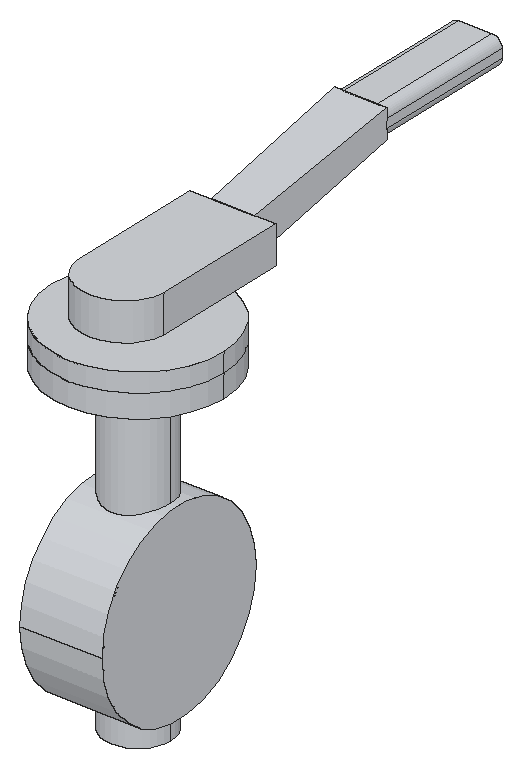
Revit family "HS497-67_disk-litina-s pákou DN050-RFA_2018", category Pipe Accessories, Revit 2018
Family settings
  Round Connector Dimension = Use Diameter
  Part Type = Valve - Breaks Into
  Work Plane-Based = No
  Always vertical = Yes
  Cut with Voids When Loaded = No
  Shared = No
Parameters (values of type "HS 497-67_DN050_PN16_s pákou")
  magiProductId = "dabc632061f94877a994b9b4e68112"
  magiProductFamilyId = "53cea81e6f374d17b8841d9c72ad77"
  magiPartTypeId = 305
  isMeasuringValve [instance] = no
  ang2D [instance] = 0.00°
  X11 = 61.456 mm
  X1 = 25.456 mm
  W2D = 1000 mm
  VersionID = "2.0/2017.9.26.1/ZETKAMA_497_001"
  Use Minimum Symbol Size [instance] = yes
  URL = "http://www.hydronix.cz"
  Type Comments = "mezipřírubová; litinový disk; PN16; -10~+110°C (krátkodobě +120°C)"
  SW30 = no
  SW3 = no
  SW21 = no
  SW20 = yes
  SW2 = yes
  SW1 = no
  R = 25 mm
  QmdConnectorList = "301;D;302;D"
  Productdata [instance] = ""
  NC = 50 mm
  Model = ""
  Manufacturer = "Hydronix"  # constant formula
  MM20 = 25.456 mm
  MC Product Code = "120 050 (litinový disk, s pákou; DN50; PN16, kvs98)"
  M41 = 66 mm
  M4 = 44 mm
  LHL = 220 mm
  LHH3 = 2.45 mm
  LHH1 = 46.55 mm
  LH1 = 73.333 mm
  L4R__ve = -L4R  # -12.8 mm
  L4R = 12.8 mm
  L42__ve = -L42  # -96 mm
  L42 = 96 mm
  L41__ve = -L41  # -19.2 mm
  L41 = 19.2 mm
  L2D_Min = 3048 mm
  L2D = 216 mm
  L2 = 21.5 mm
  L1 = 34.4 mm
  L = 43 mm
  H = 30 mm
  G22 = 11.25 mm
  G2 = 22.5 mm
  G1 = 90 mm
  G = 90 mm
  F = 11 mm
  E44 = 31.25 mm
  E42 = 62.5 mm
  E4 = 125 mm
  E23 = 4.9 mm
  E22 = 19.6 mm
  E21 = 9.8 mm
  Description = "Mezipřírubová uzavírací klapka s pákou; litinový disk, DN50; PN16; kvs98"
  DR2 = 25 mm
  DR = 100 mm
  DD1 = 15.625 mm
  DD = 12.5 mm
  D = 50 mm
  CAT0 = yes
  B2__ve = -B2  # -36.5 mm
  B2 = 36.5 mm
  A2 = 12 mm
  A1 = 83 mm
Types (43, lengths in mm): name | magiProductId | X11 | X1 | Type Comments | SW30 | SW3 | SW20 | SW2 | SW1 | R | NC | MM20 | MC Product Code | M41 | M4 | LHL | LHH3 | LHH1 | LH1 | L4R__ve | L4R | L42__ve | L42 | L41__ve | L41 | L2 | L1 | L | H | G | F | E44 | E42 | E4 | E23 | E22 | E21 | Description | DR2 | DR | DD1 | DD | D | B2__ve | B2 | A2 | A1
  HS 497-67_DN100_PN16_volné vřeteno | "65d1b245f4f142c78569c0602d5754" | 61.456 | 25.456 | "mezipřírubová; litinový disk; PN16; -10~+110°C (krátkodobě +120°C)" | no | no | no | no | yes | 50 | 50 | 25.456 | "123 100 (litinový disk, s volným vřetenem; DN100; PN16, kvs512)" | 66 | 44 | 220 | 2.45 | 46.55 | 73.333 | -12.8 | 12.8 | -96 | 96 | -19.2 | 19.2 | 26 | 41.6 | 52 | 30 | 90 | 11 | 31.25 | 62.5 | 125 | 4.9 | 19.6 | 9.8 | "Mezipřírubová uzavírací klapka s volným vřetenem; litinový disk, DN100; PN16; kvs512" | 50 | 147 | 15.625 | 12.5 | 100 | -56 | 56 | 16.5 | 98.5
  HS 497-67_DN100_PN16_převodové kolo | "11e91b807e674d428c8e796fcdcfe2" | 61.456 | 25.456 | "mezipřírubová; litinový disk; PN16; -10~+110°C (krátkodobě +120°C)" | yes | yes | no | no | no | 50 | 50 | 25.456 | "125 100 (litinový disk, s převodovým kolem; DN100; PN16, kvs512)" | 65.25 | 43.5 | 220 | 2.45 | 46.55 | 73.333 | -12.8 | 12.8 | -96 | 96 | -19.2 | 19.2 | 26 | 41.6 | 52 | 30 | 90 | 11 | 31.25 | 62.5 | 125 | 4.9 | 19.6 | 9.8 | "Mezipřírubová uzavírací klapka s převodovým kolem; litinový disk, DN100; PN16; kvs512" | 50 | 147 | 15.625 | 12.5 | 100 | -56 | 56 | 16.5 | 98.5
  HS 497-67_DN100_PN16_s pákou | "28172f0b3f4b47b28323ac71cf8749" | 61.456 | 25.456 | "mezipřírubová; litinový disk; PN16; -10~+110°C (krátkodobě +120°C)" | no | no | yes | yes | no | 50 | 50 | 25.456 | "120 100 (litinový disk, s pákou; DN100; PN16, kvs512)" | 66 | 44 | 260 | 3 | 57 | 86.667 | -12.8 | 12.8 | -96 | 96 | -19.2 | 19.2 | 26 | 41.6 | 52 | 30 | 90 | 11 | 31.25 | 62.5 | 125 | 6 | 24 | 12 | "Mezipřírubová uzavírací klapka s pákou; litinový disk, DN100; PN16; kvs512" | 50 | 147 | 15.625 | 12.5 | 100 | -56 | 56 | 16.5 | 98.5
  HS 497-67_DN125_PN16_volné vřeteno | "0d813d910fc14f628bb3c2efbd185c" | 61.456 | 25.456 | "mezipřírubová; litinový disk; PN16; -10~+110°C (krátkodobě +120°C)" | no | no | no | no | yes | 62.5 | 50 | 25.456 | "123 125 (litinový disk, s volným vřetenem; DN125; PN16, kvs872)" | 66 | 44 | 220 | 2.45 | 46.55 | 73.333 | -12.8 | 12.8 | -96 | 96 | -19.2 | 19.2 | 28 | 44.8 | 56 | 33 | 90 | 14 | 31.25 | 62.5 | 125 | 4.9 | 19.6 | 9.8 | "Mezipřírubová uzavírací klapka s volným vřetenem; litinový disk, DN125; PN16; kvs872" | 62.5 | 180 | 15.625 | 12.5 | 125 | -64 | 64 | 18 | 99.5
  HS 497-67_DN125_PN16_převodové kolo | "c56b7c13f372467684996fb1e0e229" | 61.456 | 25.456 | "mezipřírubová; litinový disk; PN16; -10~+110°C (krátkodobě +120°C)" | yes | yes | no | no | no | 62.5 | 50 | 25.456 | "125 125 (litinový disk, s převodovým kolem; DN125; PN16, kvs872)" | 65.25 | 43.5 | 220 | 2.45 | 46.55 | 73.333 | -13.5 | 13.5 | -101.25 | 101.25 | -20.25 | 20.25 | 28 | 44.8 | 56 | 33 | 90 | 14 | 40 | 80 | 160 | 4.9 | 19.6 | 9.8 | "Mezipřírubová uzavírací klapka s převodovým kolem; litinový disk, DN125; PN16; kvs872" | 62.5 | 180 | 20 | 16 | 125 | -64 | 64 | 18 | 99.5
  HS 497-67_DN125_PN16_s pákou | "105993c79a91492399feef7931321a" | 61.456 | 25.456 | "mezipřírubová; litinový disk; PN16; -10~+110°C (krátkodobě +120°C)" | no | no | yes | yes | no | 62.5 | 50 | 25.456 | "120 125 (litinový disk, s pákou; DN125; PN16, kvs872)" | 66 | 44 | 315 | 3.75 | 71.25 | 105 | -12.8 | 12.8 | -96 | 96 | -19.2 | 19.2 | 28 | 44.8 | 56 | 33 | 90 | 14 | 31.25 | 62.5 | 125 | 7.5 | 30 | 15 | "Mezipřírubová uzavírací klapka s pákou; litinový disk, DN125; PN16; kvs872" | 62.5 | 180 | 15.625 | 12.5 | 125 | -64 | 64 | 18 | 99.5
  HS 497-67_DN150_PN16_volné vřeteno | "50c80cb8ab434f55ab7796e5ac1331" | 61.456 | 25.456 | "mezipřírubová; litinový disk; PN16; -10~+110°C (krátkodobě +120°C)" | no | no | no | no | yes | 75 | 50 | 25.456 | "123 150 (litinový disk, s volným vřetenem; DN150; PN16, kvs1347)" | 66 | 44 | 220 | 2.45 | 46.55 | 73.333 | -12.8 | 12.8 | -96 | 96 | -19.2 | 19.2 | 28 | 44.8 | 56 | 33 | 90 | 14 | 31.25 | 62.5 | 125 | 4.9 | 19.6 | 9.8 | "Mezipřírubová uzavírací klapka s volným vřetenem; litinový disk, DN150; PN16; kvs1347" | 75 | 206 | 15.625 | 12.5 | 150 | -58 | 58 | 19.3 | 98.7
  HS 497-67_DN150_PN16_převodové kolo | "d94a1a0cf83b476eb10011b327f709" | 61.456 | 25.456 | "mezipřírubová; litinový disk; PN16; -10~+110°C (krátkodobě +120°C)" | yes | yes | no | no | no | 75 | 50 | 25.456 | "125 150 (litinový disk, s převodovým kolem; DN150; PN16, kvs1347)" | 65.25 | 43.5 | 220 | 2.45 | 46.55 | 73.333 | -13.5 | 13.5 | -101.25 | 101.25 | -20.25 | 20.25 | 28 | 44.8 | 56 | 33 | 90 | 14 | 40 | 80 | 160 | 4.9 | 19.6 | 9.8 | "Mezipřírubová uzavírací klapka s převodovým kolem; litinový disk, DN150; PN16; kvs1347" | 75 | 206 | 20 | 16 | 150 | -58 | 58 | 19.3 | 98.7
  HS 497-67_DN150_PN16_s pákou | "4d2835523fe84828bc50ff0a5a0dfb" | 61.456 | 25.456 | "mezipřírubová; litinový disk; PN16; -10~+110°C (krátkodobě +120°C)" | no | no | yes | yes | no | 75 | 50 | 25.456 | "120 150 (litinový disk, s pákou; DN150; PN16, kvs1347)" | 66 | 44 | 315 | 3.75 | 71.25 | 105 | -12.8 | 12.8 | -96 | 96 | -19.2 | 19.2 | 28 | 44.8 | 56 | 33 | 90 | 14 | 31.25 | 62.5 | 125 | 7.5 | 30 | 15 | "Mezipřírubová uzavírací klapka s pákou; litinový disk, DN150; PN16; kvs1347" | 75 | 206 | 15.625 | 12.5 | 150 | -58 | 58 | 19.3 | 98.7
  HS 497-67_DN200_PN16_volné vřeteno | "5b29029eaeba47139ee1055a4b9201" | 61.456 | 25.456 | "mezipřírubová; litinový disk; PN16; -10~+110°C (krátkodobě +120°C)" | no | no | no | no | yes | 100 | 50 | 25.456 | "123 200 (litinový disk, s volným vřetenem; DN200; PN16, kvs2675)" | 66 | 44 | 220 | 2.45 | 46.55 | 73.333 | -12.8 | 12.8 | -96 | 96 | -19.2 | 19.2 | 30 | 48 | 60 | 33 | 90 | 17 | 31.25 | 62.5 | 125 | 4.9 | 19.6 | 9.8 | "Mezipřírubová uzavírací klapka s volným vřetenem; litinový disk, DN200; PN16; kvs2675" | 100 | 257 | 15.625 | 12.5 | 200 | -70 | 70 | 22.5 | 102.5
  HS 497-67_DN200_PN16_převodové kolo | "b2793cc1fcc44cf2a35062cd67c04f" | 61.456 | 25.456 | "mezipřírubová; litinový disk; PN16; -10~+110°C (krátkodobě +120°C)" | yes | yes | no | no | no | 100 | 57 | 25.456 | "125 200 (litinový disk, s převodovým kolem; DN200; PN16, kvs2675)" | 78.75 | 52.5 | 220 | 2.45 | 46.55 | 73.333 | -15.2 | 15.2 | -114 | 114 | -22.8 | 22.8 | 30 | 48 | 60 | 33 | 90 | 17 | 50 | 100 | 200 | 4.9 | 19.6 | 9.8 | "Mezipřírubová uzavírací klapka s převodovým kolem; litinový disk, DN200; PN16; kvs2675" | 100 | 257 | 25 | 20 | 200 | -70 | 70 | 22.5 | 102.5
  HS 497-67_DN200_PN16_s pákou | "f88d96c7af224537a51e72d7d8fffe" | 61.456 | 25.456 | "mezipřírubová; litinový disk; PN16; -10~+110°C (krátkodobě +120°C)" | no | no | yes | yes | no | 100 | 50 | 25.456 | "120 200 (litinový disk, s pákou; DN200; PN16, kvs2675)" | 66 | 44 | 315 | 3.75 | 71.25 | 105 | -12.8 | 12.8 | -96 | 96 | -19.2 | 19.2 | 30 | 48 | 60 | 33 | 90 | 17 | 31.25 | 62.5 | 125 | 7.5 | 30 | 15 | "Mezipřírubová uzavírací klapka s pákou; litinový disk, DN200; PN16; kvs2675" | 100 | 257 | 15.625 | 12.5 | 200 | -70 | 70 | 22.5 | 102.5
  HS 497-67_DN250_PN16_volné vřeteno | "b662e8305ca2402b9c510e66e6aa55" | 88.77 | 36.77 | "mezipřírubová; litinový disk; PN16; -10~+110°C (krátkodobě +120°C)" | no | no | no | no | yes | 125 | 50 | 36.77 | "123 250 (litinový disk, s volným vřetenem; DN250; PN16, kvs4555)" | 66 | 44 | 220 | 2.45 | 46.55 | 73.333 | -12.8 | 12.8 | -96 | 96 | -19.2 | 19.2 | 34 | 54.4 | 68 | 23 | 130 | 22 | 31.25 | 62.5 | 125 | 4.9 | 19.6 | 9.8 | "Mezipřírubová uzavírací klapka s volným vřetenem; litinový disk, DN250; PN16; kvs4555" | 125 | 324 | 15.625 | 12.5 | 250 | -85 | 85 | 28.25 | 129.25
  HS 497-67_DN250_PN16_převodové kolo | "5ee9016806664ddfaa2632711f295c" | 88.77 | 36.77 | "mezipřírubová; litinový disk; PN16; -10~+110°C (krátkodobě +120°C)" | yes | yes | no | no | no | 125 | 70 | 36.77 | "125 250 (litinový disk, s převodovým kolem; DN250; PN16, kvs4555)" | 91.5 | 61 | 220 | 2.45 | 46.55 | 73.333 | -22.2 | 22.2 | -166.5 | 166.5 | -33.3 | 33.3 | 34 | 54.4 | 68 | 23 | 130 | 22 | 62.5 | 125 | 250 | 4.9 | 19.6 | 9.8 | "Mezipřírubová uzavírací klapka s převodovým kolem; litinový disk, DN250; PN16; kvs4555" | 125 | 324 | 31.25 | 25 | 250 | -85 | 85 | 28.25 | 129.25
  HS 497-67_DN300_PN16_volné vřeteno | "e1886f51ff004380a649519258edf2" | 88.77 | 36.77 | "mezipřírubová; litinový disk; PN16; -10~+110°C (krátkodobě +120°C)" | no | no | no | no | yes | 150 | 50 | 36.77 | "123 300 (litinový disk, s volným vřetenem; DN300; PN16, kvs7037)" | 66 | 44 | 220 | 2.45 | 46.55 | 73.333 | -12.8 | 12.8 | -96 | 96 | -19.2 | 19.2 | 39 | 62.4 | 78 | 23 | 130 | 22 | 31.25 | 62.5 | 125 | 4.9 | 19.6 | 9.8 | "Mezipřírubová uzavírací klapka s volným vřetenem; litinový disk, DN300; PN16; kvs7037" | 150 | 376 | 15.625 | 12.5 | 300 | -90 | 90 | 30.8 | 127.2
  HS 497-67_DN300_PN16_převodové kolo | "6860f094f77d42088fbebc3c97f755" | 88.77 | 36.77 | "mezipřírubová; litinový disk; PN16; -10~+110°C (krátkodobě +120°C)" | yes | yes | no | no | no | 150 | 70 | 36.77 | "125 300 (litinový disk, s převodovým kolem; DN300; PN16, kvs7037)" | 91.5 | 61 | 220 | 2.45 | 46.55 | 73.333 | -22.2 | 22.2 | -166.5 | 166.5 | -33.3 | 33.3 | 39 | 62.4 | 78 | 23 | 130 | 22 | 62.5 | 125 | 250 | 4.9 | 19.6 | 9.8 | "Mezipřírubová uzavírací klapka s převodovým kolem; litinový disk, DN300; PN16; kvs7037" | 150 | 376 | 31.25 | 25 | 300 | -90 | 90 | 30.8 | 127.2
  HS 497-67_DN032_PN16_volné vřeteno | "8c5f65de52aa4067a77564107e31b2" | 61.456 | 25.456 | "mezipřírubová; litinový disk; PN16; -10~+110°C (krátkodobě +120°C)" | no | no | no | no | yes | 16 | 50 | 25.456 | "123 032 (litinový disk, s volným vřetenem; DN32; PN16, kvs78)" | 66 | 44 | 220 | 2.45 | 46.55 | 73.333 | -12.8 | 12.8 | -96 | 96 | -19.2 | 19.2 | 16.5 | 26.4 | 33 | 30 | 90 | 11 | 31.25 | 62.5 | 125 | 4.9 | 19.6 | 9.8 | "Mezipřírubová uzavírací klapka s volným vřetenem; litinový disk, DN32; PN16; kvs78" | 16 | 68 | 15.625 | 12.5 | 32 | -44.2 | 44.2 | 10.25 | 76.25
  HS 497-67_DN032_PN16_převodové kolo | "60aaeffa8b3a4e809ef000e4660060" | 61.456 | 25.456 | "mezipřírubová; litinový disk; PN16; -10~+110°C (krátkodobě +120°C)" | yes | yes | no | no | no | 16 | 50 | 25.456 | "125 032 (litinový disk, s převodovým kolem; DN32; PN16, kvs78)" | 65.25 | 43.5 | 220 | 2.45 | 46.55 | 73.333 | -12.8 | 12.8 | -96 | 96 | -19.2 | 19.2 | 16.5 | 26.4 | 33 | 30 | 90 | 11 | 31.25 | 62.5 | 125 | 4.9 | 19.6 | 9.8 | "Mezipřírubová uzavírací klapka s převodovým kolem; litinový disk, DN32; PN16; kvs78" | 16 | 68 | 15.625 | 12.5 | 32 | -44.2 | 44.2 | 10.25 | 76.25
  HS 497-67_DN032_PN16_s pákou | "9ad8088d610749a1b871aa2aad8007" | 61.456 | 25.456 | "mezipřírubová; litinový disk; PN16; -10~+110°C (krátkodobě +120°C)" | no | no | yes | yes | no | 16 | 50 | 25.456 | "120 032 (litinový disk, s pákou; DN32; PN16, kvs78)" | 66 | 44 | 220 | 2.45 | 46.55 | 73.333 | -12.8 | 12.8 | -96 | 96 | -19.2 | 19.2 | 16.5 | 26.4 | 33 | 30 | 90 | 11 | 31.25 | 62.5 | 125 | 4.9 | 19.6 | 9.8 | "Mezipřírubová uzavírací klapka s pákou; litinový disk, DN32; PN16; kvs78" | 16 | 68 | 15.625 | 12.5 | 32 | -44.2 | 44.2 | 10.25 | 76.25
  HS 497-67_DN350_PN10_volné vřeteno | "72a1e05f22944421b7e9596a877137" | 109.255 | 45.255 | "mezipřírubová; litinový disk; PN10; -10~+110°C (krátkodobě +120°C)" | no | no | no | no | yes | 175 | 50 | 45.255 | "123 350 (litinový disk, s volným vřetenem; DN350; PN10, kvs10165)" | 66 | 44 | 220 | 2.45 | 46.55 | 73.333 | -12.8 | 12.8 | -96 | 96 | -19.2 | 19.2 | 39 | 62.4 | 78 | 31 | 160 | 22 | 31.25 | 62.5 | 125 | 4.9 | 19.6 | 9.8 | "Mezipřírubová uzavírací klapka s volným vřetenem; litinový disk, DN350; PN10; kvs10165" | 175 | 430 | 15.625 | 12.5 | 350 | -88 | 88 | 33.85 | 129.65
  HS 497-67_DN350_PN10_převodové kolo | "a5a01426cb28494ba3afca92f1dace" | 109.255 | 45.255 | "mezipřírubová; litinový disk; PN10; -10~+110°C (krátkodobě +120°C)" | yes | yes | no | no | no | 175 | 70 | 45.255 | "125 350 (litinový disk, s převodovým kolem; DN350; PN10, kvs10165)" | 91.5 | 61 | 220 | 2.45 | 46.55 | 73.333 | -22.2 | 22.2 | -166.5 | 166.5 | -33.3 | 33.3 | 39 | 62.4 | 78 | 31 | 160 | 22 | 62.5 | 125 | 250 | 4.9 | 19.6 | 9.8 | "Mezipřírubová uzavírací klapka s převodovým kolem; litinový disk, DN350; PN10; kvs10165" | 175 | 430 | 31.25 | 25 | 350 | -88 | 88 | 33.85 | 129.65
  HS 497-67_DN400_PN10_volné vřeteno | "c70ebeb927c04ab99b176e257ad0a7" | 109.255 | 45.255 | "mezipřírubová; litinový disk; PN10; -10~+110°C (krátkodobě +120°C)" | no | no | no | no | yes | 200 | 50 | 45.255 | "123 400 (litinový disk, s volným vřetenem; DN400; PN10, kvs13799)" | 66 | 44 | 220 | 2.45 | 46.55 | 73.333 | -12.8 | 12.8 | -96 | 96 | -19.2 | 19.2 | 51 | 81.6 | 102 | 31 | 160 | 27 | 31.25 | 62.5 | 125 | 4.9 | 19.6 | 9.8 | "Mezipřírubová uzavírací klapka s volným vřetenem; litinový disk, DN400; PN10; kvs13799" | 200 | 485 | 15.625 | 12.5 | 400 | -108 | 108 | 38 | 142
  HS 497-67_DN400_PN10_převodové kolo | "cc64a4384dcb41b780d81810f4f293" | 109.255 | 45.255 | "mezipřírubová; litinový disk; PN10; -10~+110°C (krátkodobě +120°C)" | yes | yes | no | no | no | 200 | 72.5 | 45.255 | "125 400 (litinový disk, s převodovým kolem; DN400; PN10, kvs13799)" | 103.5 | 69 | 220 | 2.45 | 46.55 | 73.333 | -27.8 | 27.8 | -208.5 | 208.5 | -41.7 | 41.7 | 51 | 81.6 | 102 | 31 | 160 | 27 | 75 | 150 | 300 | 4.9 | 19.6 | 9.8 | "Mezipřírubová uzavírací klapka s převodovým kolem; litinový disk, DN400; PN10; kvs13799" | 200 | 485 | 37.5 | 30 | 400 | -108 | 108 | 38 | 142
  HS 497-67_DN040_PN16_volné vřeteno | "35f92312390745e88df5b5c325d9ee" | 61.456 | 25.456 | "mezipřírubová; litinový disk; PN16; -10~+110°C (krátkodobě +120°C)" | no | no | no | no | yes | 20 | 50 | 25.456 | "123 040 (litinový disk, s volným vřetenem; DN40; PN16, kvs78)" | 66 | 44 | 220 | 2.45 | 46.55 | 73.333 | -12.8 | 12.8 | -96 | 96 | -19.2 | 19.2 | 16.5 | 26.4 | 33 | 30 | 90 | 11 | 31.25 | 62.5 | 125 | 4.9 | 19.6 | 9.8 | "Mezipřírubová uzavírací klapka s volným vřetenem; litinový disk, DN40; PN16; kvs78" | 20 | 76 | 15.625 | 12.5 | 40 | -36 | 36 | 11 | 79
  HS 497-67_DN040_PN16_převodové kolo | "d88e968eae3445bc9b7b4e6ff35127" | 61.456 | 25.456 | "mezipřírubová; litinový disk; PN16; -10~+110°C (krátkodobě +120°C)" | yes | yes | no | no | no | 20 | 50 | 25.456 | "125 040 (litinový disk, s převodovým kolem; DN40; PN16, kvs78)" | 65.25 | 43.5 | 220 | 2.45 | 46.55 | 73.333 | -12.8 | 12.8 | -96 | 96 | -19.2 | 19.2 | 16.5 | 26.4 | 33 | 30 | 90 | 11 | 31.25 | 62.5 | 125 | 4.9 | 19.6 | 9.8 | "Mezipřírubová uzavírací klapka s převodovým kolem; litinový disk, DN40; PN16; kvs78" | 20 | 76 | 15.625 | 12.5 | 40 | -36 | 36 | 11 | 79
  HS 497-67_DN040_PN16_s pákou | "c1b522ca65b4407a98818f232eaacb" | 61.456 | 25.456 | "mezipřírubová; litinový disk; PN16; -10~+110°C (krátkodobě +120°C)" | no | no | yes | yes | no | 20 | 50 | 25.456 | "120 040 (litinový disk, s pákou; DN40; PN16, kvs78)" | 66 | 44 | 220 | 2.45 | 46.55 | 73.333 | -12.8 | 12.8 | -96 | 96 | -19.2 | 19.2 | 16.5 | 26.4 | 33 | 30 | 90 | 11 | 31.25 | 62.5 | 125 | 4.9 | 19.6 | 9.8 | "Mezipřírubová uzavírací klapka s pákou; litinový disk, DN40; PN16; kvs78" | 20 | 76 | 15.625 | 12.5 | 40 | -36 | 36 | 11 | 79
  HS 497-67_DN450_PN10_volné vřeteno | "a8358bc282f14872b3194e530e590a" | 129.74 | 53.74 | "mezipřírubová; litinový disk; PN10; -10~+110°C (krátkodobě +120°C)" | no | no | no | no | yes | 225 | 50 | 53.74 | "123 450 (litinový disk, s volným vřetenem; DN450; PN10, kvs18514)" | 66 | 44 | 220 | 2.45 | 46.55 | 73.333 | -12.8 | 12.8 | -96 | 96 | -19.2 | 19.2 | 57 | 91.2 | 114 | 38 | 190 | 36 | 31.25 | 62.5 | 125 | 4.9 | 19.6 | 9.8 | "Mezipřírubová uzavírací klapka s volným vřetenem; litinový disk, DN450; PN10; kvs18514" | 225 | 536 | 15.625 | 12.5 | 450 | -115 | 115 | 38.05 | 117.45
  HS 497-67_DN450_PN10_převodové kolo | "cdf2d80f54a9414f9cbe50647c0ebd" | 129.74 | 53.74 | "mezipřírubová; litinový disk; PN10; -10~+110°C (krátkodobě +120°C)" | yes | yes | no | no | no | 225 | 91.5 | 53.74 | "125 450 (litinový disk, s převodovým kolem; DN450; PN10, kvs18514)" | 144.75 | 96.5 | 220 | 2.45 | 46.55 | 73.333 | -32.1 | 32.1 | -240.75 | 240.75 | -48.15 | 48.15 | 57 | 91.2 | 114 | 38 | 190 | 36 | 100 | 200 | 400 | 4.9 | 19.6 | 9.8 | "Mezipřírubová uzavírací klapka s převodovým kolem; litinový disk, DN450; PN10; kvs18514" | 225 | 536 | 50 | 40 | 450 | -115 | 115 | 38.05 | 117.45
  HS 497-67_DN500_PN10_volné vřeteno | "8c396e27bb2743f98f3c762b6517cd" | 143.397 | 59.397 | "mezipřírubová; litinový disk; PN10; -10~+110°C (krátkodobě +120°C)" | no | no | no | no | yes | 250 | 50 | 59.397 | "123 500 (litinový disk, s volným vřetenem; DN500; PN10, kvs23805)" | 66 | 44 | 220 | 2.45 | 46.55 | 73.333 | -12.8 | 12.8 | -96 | 96 | -19.2 | 19.2 | 63.5 | 101.6 | 127 | 38 | 210 | 36 | 31.25 | 62.5 | 125 | 4.9 | 19.6 | 9.8 | "Mezipřírubová uzavírací klapka s volným vřetenem; litinový disk, DN500; PN10; kvs23805" | 250 | 593 | 15.625 | 12.5 | 500 | -130 | 130 | 43.25 | 139.25
  HS 497-67_DN500_PN10_převodové kolo | "7647804f32e94cef828a7034a91a46" | 143.397 | 59.397 | "mezipřírubová; litinový disk; PN10; -10~+110°C (krátkodobě +120°C)" | yes | yes | no | no | no | 250 | 91.5 | 59.397 | "125 500 (litinový disk, s převodovým kolem; DN500; PN10, kvs23805)" | 144.75 | 96.5 | 220 | 2.45 | 46.55 | 73.333 | -32.1 | 32.1 | -240.75 | 240.75 | -48.15 | 48.15 | 63.5 | 101.6 | 127 | 38 | 210 | 36 | 100 | 200 | 400 | 4.9 | 19.6 | 9.8 | "Mezipřírubová uzavírací klapka s převodovým kolem; litinový disk, DN500; PN10; kvs23805" | 250 | 593 | 50 | 40 | 500 | -130 | 130 | 43.25 | 139.25
  HS 497-67_DN050_PN16_volné vřeteno | "d71f296ecd6d4adf8f6e5d9853b4e0" | 61.456 | 25.456 | "mezipřírubová; litinový disk; PN16; -10~+110°C (krátkodobě +120°C)" | no | no | no | no | yes | 25 | 50 | 25.456 | "123 050 (litinový disk, s volným vřetenem; DN50; PN16, kvs98)" | 66 | 44 | 220 | 2.45 | 46.55 | 73.333 | -12.8 | 12.8 | -96 | 96 | -19.2 | 19.2 | 21.5 | 34.4 | 43 | 30 | 90 | 11 | 31.25 | 62.5 | 125 | 4.9 | 19.6 | 9.8 | "Mezipřírubová uzavírací klapka s volným vřetenem; litinový disk, DN50; PN16; kvs98" | 25 | 100 | 15.625 | 12.5 | 50 | -36.5 | 36.5 | 12 | 83
  HS 497-67_DN050_PN16_převodové kolo | "2fb080deeaed49c58418b94c1da5a4" | 61.456 | 25.456 | "mezipřírubová; litinový disk; PN16; -10~+110°C (krátkodobě +120°C)" | yes | yes | no | no | no | 25 | 50 | 25.456 | "125 050 (litinový disk, s převodovým kolem; DN50; PN16, kvs98)" | 65.25 | 43.5 | 220 | 2.45 | 46.55 | 73.333 | -12.8 | 12.8 | -96 | 96 | -19.2 | 19.2 | 21.5 | 34.4 | 43 | 30 | 90 | 11 | 31.25 | 62.5 | 125 | 4.9 | 19.6 | 9.8 | "Mezipřírubová uzavírací klapka s převodovým kolem; litinový disk, DN50; PN16; kvs98" | 25 | 100 | 15.625 | 12.5 | 50 | -36.5 | 36.5 | 12 | 83
  HS 497-67_DN050_PN16_s pákou | "dabc632061f94877a994b9b4e68112" | 61.456 | 25.456 | "mezipřírubová; litinový disk; PN16; -10~+110°C (krátkodobě +120°C)" | no | no | yes | yes | no | 25 | 50 | 25.456 | "120 050 (litinový disk, s pákou; DN50; PN16, kvs98)" | 66 | 44 | 220 | 2.45 | 46.55 | 73.333 | -12.8 | 12.8 | -96 | 96 | -19.2 | 19.2 | 21.5 | 34.4 | 43 | 30 | 90 | 11 | 31.25 | 62.5 | 125 | 4.9 | 19.6 | 9.8 | "Mezipřírubová uzavírací klapka s pákou; litinový disk, DN50; PN16; kvs98" | 25 | 100 | 15.625 | 12.5 | 50 | -36.5 | 36.5 | 12 | 83
  HS 497-67_DN600_PN10_volné vřeteno | "99d5892c14664fce81a7c5903f7711" | 143.397 | 59.397 | "mezipřírubová; litinový disk; PN10; -10~+110°C (krátkodobě +120°C)" | no | no | no | no | yes | 300 | 50 | 59.397 | "123 600 (litinový disk, s volným vřetenem; DN600; PN10, kvs36778)" | 66 | 44 | 220 | 2.45 | 46.55 | 73.333 | -12.8 | 12.8 | -96 | 96 | -19.2 | 19.2 | 77 | 123.2 | 154 | 80 | 210 | 60 | 31.25 | 62.5 | 125 | 4.9 | 19.6 | 9.8 | "Mezipřírubová uzavírací klapka s volným vřetenem; litinový disk, DN600; PN10; kvs36788" | 300 | 690 | 15.625 | 12.5 | 600 | -140 | 140 | 49.4 | 144.6
  HS 497-67_DN600_PN10_převodové kolo | "b1e26faab48a4c499f6bb11e7e3002" | 143.397 | 59.397 | "mezipřírubová; litinový disk; PN10; -10~+110°C (krátkodobě +120°C)" | yes | yes | no | no | no | 300 | 140 | 59.397 | "125 600 (litinový disk, s převodovým kolem; DN600; PN10, kvs36778)" | 206.25 | 137.5 | 220 | 2.45 | 46.55 | 73.333 | -40.8 | 40.8 | -306 | 306 | -61.2 | 61.2 | 77 | 123.2 | 154 | 80 | 210 | 60 | 125 | 250 | 500 | 4.9 | 19.6 | 9.8 | "Mezipřírubová uzavírací klapka s převodovým kolem; litinový disk, DN600; PN10; kvs36788" | 300 | 690 | 62.5 | 50 | 600 | -140 | 140 | 49.4 | 144.6
  HS 497-67_DN065_PN16_volné vřeteno | "5e5e208646e34ec29f889baab5d08e" | 61.456 | 25.456 | "mezipřírubová; litinový disk; PN16; -10~+110°C (krátkodobě +120°C)" | no | no | no | no | yes | 32.5 | 50 | 25.456 | "123 065 (litinový disk, s volným vřetenem; DN65; PN16, kvs167)" | 66 | 44 | 220 | 2.45 | 46.55 | 73.333 | -12.8 | 12.8 | -96 | 96 | -19.2 | 19.2 | 23 | 36.8 | 46 | 30 | 90 | 11 | 31.25 | 62.5 | 125 | 4.9 | 19.6 | 9.8 | "Mezipřírubová uzavírací klapka s volným vřetenem; litinový disk, DN65; PN16; kv167" | 32.5 | 108 | 15.625 | 12.5 | 65 | -36.5 | 36.5 | 13.5 | 89
  HS 497-67_DN065_PN16_převodové kolo | "654d74c8d15540b0bfe523d988ccb3" | 61.456 | 25.456 | "mezipřírubová; litinový disk; PN16; -10~+110°C (krátkodobě +120°C)" | yes | yes | no | no | no | 32.5 | 50 | 25.456 | "125 065 (litinový disk, s převodovým kolem; DN65; PN16, kvs167)" | 65.25 | 43.5 | 220 | 2.45 | 46.55 | 73.333 | -12.8 | 12.8 | -96 | 96 | -19.2 | 19.2 | 23 | 36.8 | 46 | 30 | 90 | 11 | 31.25 | 62.5 | 125 | 4.9 | 19.6 | 9.8 | "Mezipřírubová uzavírací klapka s převodovým kolem; litinový disk, DN65; PN16; kvs167" | 32.5 | 108 | 15.625 | 12.5 | 65 | -36.5 | 36.5 | 13.5 | 89
  HS 497-67_DN065_PN16_s pákou | "ebeb4b59db0641caaf6d6635ab37b9" | 61.456 | 25.456 | "mezipřírubová; litinový disk; PN16; -10~+110°C (krátkodobě +120°C)" | no | no | yes | yes | no | 32.5 | 50 | 25.456 | "120 065 (litinový disk, s pákou; DN65; PN16, kvs167)" | 66 | 44 | 220 | 2.45 | 46.55 | 73.333 | -12.8 | 12.8 | -96 | 96 | -19.2 | 19.2 | 23 | 36.8 | 46 | 30 | 90 | 11 | 31.25 | 62.5 | 125 | 4.9 | 19.6 | 9.8 | "Mezipřírubová uzavírací klapka s pákou; litinový disk, DN65; PN16; kvs167" | 32.5 | 108 | 15.625 | 12.5 | 65 | -36.5 | 36.5 | 13.5 | 89
  HS 497-67_DN080_PN16_volné vřeteno | "9e85c75c18654e1185a9c48ed6b00e" | 61.456 | 25.456 | "mezipřírubová; litinový disk; PN16; -10~+110°C (krátkodobě +120°C)" | no | no | no | no | yes | 40 | 50 | 25.456 | "123 080 (litinový disk, s volným vřetenem; DN80; PN16, kvs258)" | 66 | 44 | 220 | 2.45 | 46.55 | 73.333 | -12.8 | 12.8 | -96 | 96 | -19.2 | 19.2 | 23 | 36.8 | 46 | 30 | 90 | 11 | 31.25 | 62.5 | 125 | 4.9 | 19.6 | 9.8 | "Mezipřírubová uzavírací klapka s volným vřetenem; litinový disk, DN80; PN16; kvs258" | 40 | 124 | 15.625 | 12.5 | 80 | -54 | 54 | 14.1 | 86.9
  HS 497-67_DN080_PN16_převodové kolo | "5b3c8238c3d041e68c75b199e7ea46" | 61.456 | 25.456 | "mezipřírubová; litinový disk; PN16; -10~+110°C (krátkodobě +120°C)" | yes | yes | no | no | no | 40 | 50 | 25.456 | "125 080 (litinový disk, s převodovým kolem; DN80; PN16, kvs258)" | 65.25 | 43.5 | 220 | 2.45 | 46.55 | 73.333 | -12.8 | 12.8 | -96 | 96 | -19.2 | 19.2 | 23 | 36.8 | 46 | 30 | 90 | 11 | 31.25 | 62.5 | 125 | 4.9 | 19.6 | 9.8 | "Mezipřírubová uzavírací klapka s převodovým kolem; litinový disk, DN80; PN16; kvs258" | 40 | 124 | 15.625 | 12.5 | 80 | -54 | 54 | 14.1 | 86.9
  HS 497-67_DN080_PN16_s pákou | "e414795fab0f4eccb99bc3572c5477" | 61.456 | 25.456 | "mezipřírubová; litinový disk; PN16; -10~+110°C (krátkodobě +120°C)" | no | no | yes | yes | no | 40 | 50 | 25.456 | "120 080 (litinový disk, s pákou; DN80; PN16, kvs258)" | 66 | 44 | 260 | 3 | 57 | 86.667 | -12.8 | 12.8 | -96 | 96 | -19.2 | 19.2 | 23 | 36.8 | 46 | 30 | 90 | 11 | 31.25 | 62.5 | 125 | 6 | 24 | 12 | "Mezipřírubová uzavírací klapka s pákou; litinový disk, DN80; PN16; kvs258" | 40 | 124 | 15.625 | 12.5 | 80 | -54 | 54 | 14.1 | 86.9
  HS 497-67_DN250_PN16_s pákou | "" | 88.77 | 36.77 | "mezipřírubová; litinový disk; PN16; -10~+110°C (krátkodobě +120°C)" | no | no | yes | yes | no | 125 | 70 | 36.77 | "120 250 (litinový disk, s pákou; DN250; PN16, kvs4555)" | 91.5 | 61 | 220 | 2.45 | 46.55 | 73.333 | -22.2 | 22.2 | -166.5 | 166.5 | -33.3 | 33.3 | 34 | 54.4 | 68 | 23 | 130 | 22 | 62.5 | 125 | 250 | 4.9 | 19.6 | 9.8 | "Mezipřírubová uzavírací klapka s pákou; litinový disk, DN250; PN16; kvs4555" | 125 | 324 | 31.25 | 25 | 250 | -85 | 85 | 28.25 | 129.25
  HS 497-67_DN300_PN16_s pákou | "" | 88.77 | 36.77 | "mezipřírubová; litinový disk; PN16; -10~+110°C (krátkodobě +120°C)" | no | no | yes | yes | no | 150 | 70 | 36.77 | "120 300 (litinový disk, s pákou; DN300; PN16, kvs7037)" | 91.5 | 61 | 220 | 2.45 | 46.55 | 73.333 | -22.2 | 22.2 | -166.5 | 166.5 | -33.3 | 33.3 | 39 | 62.4 | 78 | 23 | 130 | 22 | 62.5 | 125 | 250 | 4.9 | 19.6 | 9.8 | "Mezipřírubová uzavírací klapka s pákou; litinový disk, DN300; PN16; kvs7037" | 150 | 376 | 31.25 | 25 | 300 | -90 | 90 | 30.8 | 127.2
Reference planes
  plane 1 "Center (Front/Back)": y = 0
  plane 2 "XYPLANE": z = 0
  plane 3 "Center (Left/Right)": x = 0
  plane 4 "473": x = -25.456
  plane 5 "472": x = -66
  plane 6 "471": y = -25.456
  plane 7 "470": y = 25.456
  plane 8 "469": x = -44
  plane 9 "468": y = -115.2
  plane 10 "467": y = -96
  plane 11 "466": z = 151.25
  plane 12 "465": z = 166.55
  plane 13 "464": y = 145.417
  plane 14 "463": z = 156.75
  plane 15 "462": z = 139.6
  plane 16 "461": z = 149.4
  plane 17 "460": y = 72.083
  plane 18 "459": x = -11.25
  plane 19 "458": x = 11.25
  plane 20 "457": y = -6.25
  plane 21 "456": x = -17.5
  plane 22 "455": x = 17.5
  plane 23 "454": z = 154.3
  plane 24 "453": y = 62.083
  plane 25 "452": y = -11.25
  plane 26 "451": x = -22.5
  plane 27 "450": x = 22.5
  plane 28 "449": z = 134.7
  plane 29 "448": z = 129.8
  plane 30 "447": z = -25
  plane 31 "446": z = 120
  plane 32 "445": z = 108
  plane 33 "444": z = 25
  plane 34 "443": x = 21.5
  plane 35 "442": x = -21.5
  plane 36 "441": z = 0
  plane 37 "440": y = 0
  plane 38 "439": x = 0
  plane 39 "438": z = 169
  plane 40 "437": z = 154.3
  plane 41 "436": x = 13.7
  plane 42 "435": x = -13.7
  plane 43 "434": y = 220
Forms (mm)
  Extrusion 1, solid, visible <- "SW3"
    sketch origin (-750, 0, 120) x (1, 0, 0) y (0, 1, 0)
      loop
        line (684, 25.456) -> (684, -25.456) -> (724.544, -25.456)
        arc (724.544, -25.456) -> (786, 0) -> (724.544, 25.456) r 36
        line (724.544, 25.456) -> (684, 25.456)
    from 0 to 62.5 <- "E42"
  Extrusion 2, solid, visible <- "SW30"
    sketch origin (0, -750, 0) x (0, 1, 0) y (0, 0, 1)
      loop
        circle (750, 151.25) r 7.813
    from 0 to 50 <- "NC"
  Extrusion 3, solid, visible <- "SW30"
    sketch origin (750, -115.2, 0) x (-1, 0, 0) y (0, 0, 1)
      loop
        circle (794, 151.25) r 62.5
    from 0 to -12.8 <- "L4R__ve"
  Extrusion 4, solid, visible <- "SW3"
    sketch origin (750, -96, 0) x (-1, 0, 0) y (0, 0, 1)
      loop
        circle (794, 151.25) r 7.813
    from 0 to -19.2 <- "L41__ve"
  Extrusion 5, solid, visible <- "SW30"
    sketch origin (750, 0, 0) x (-1, 0, 0) y (0, 0, 1)
      loop
        circle (794, 151.25) r 6.25
    from 0 to -96 <- "L42__ve"
  Blend 6, solid, visible <- "SW21"
    base sketch origin (750, 72.083, 0) x (-1, 0, 0) y (0, 0, 1)
      loop
        line (761.25, 149.4) -> (738.75, 149.4) -> (738.75, 139.6) -> (761.25, 139.6) -> (761.25, 149.4)
    top sketch origin (750, 72.083, 0) x (-1, 0, 0) y (0, 0, 1)
      loop
        line (761.25, 166.55) -> (738.75, 166.55) -> (738.75, 156.75) -> (761.25, 156.75) -> (761.25, 166.55)
    from 0 to 73.333
  Blend 7, solid, visible <- "SW21"
    base sketch origin (750, 62.083, 0) x (-1, 0, 0) y (0, 0, 1)
      loop
        line (761.25, 154.3) -> (738.75, 154.3) -> (738.75, 134.7) -> (761.25, 134.7) -> (761.25, 154.3)
    top sketch origin (750, 62.083, 0) x (-1, 0, 0) y (0, 0, 1)
      loop
        line (761.25, 149.4) -> (738.75, 149.4) -> (738.75, 139.6) -> (761.25, 139.6) -> (761.25, 149.4)
    from 0 to 10
  Blend 8, solid, visible <- "SW21"
    base sketch origin (-750, 0, 134.7) x (1, 0, 0) y (0, 1, 0)
      loop
        line (772.5, 62.083) -> (727.5, 62.083) -> (727.5, -11.25)
        arc (727.5, -11.25) -> (750, -31.25) -> (772.5, -11.25) r 22.656
        line (772.5, -11.25) -> (772.5, 62.083)
    top sketch origin (-750, 0, 134.7) x (1, 0, 0) y (0, 1, 0)
      loop
        line (767.5, 62.083) -> (732.5, 62.083) -> (732.5, -6.25)
        arc (732.5, -6.25) -> (750, -26.25) -> (767.5, -6.25) r 17.656
        line (767.5, -6.25) -> (767.5, 62.083)
    from 0 to 19.6
  Extrusion 9, solid, visible <- "SW2"
    sketch origin (-750, 0, 129.8) x (1, 0, 0) y (0, 1, 0)
      loop
        circle (750, 0) r 11.25
    from 0 to 4.9 <- "E23"
  Extrusion 10, solid, visible <- "SW2"
    sketch origin (-750, 0, 120) x (1, 0, 0) y (0, 1, 0)
      loop
        circle (750, 0) r 45
    from 0 to 9.8 <- "E21"
  Extrusion 11, solid, visible <- "CAT0"
    sketch origin (-750, 0, -25) x (1, 0, 0) y (0, 1, 0)
      loop
        circle (750, 0) r 17.2
    from 0 to -36.5 <- "B2__ve"
  Extrusion 12, solid, visible <- "CAT0"
    sketch origin (-750, 0, 108) x (1, 0, 0) y (0, 1, 0)
      loop
        circle (750, 0) r 45
    from 0 to 12 <- "A2"
  Extrusion 13, solid, visible <- "CAT0"
    sketch origin (-750, 0, 25) x (1, 0, 0) y (0, 1, 0)
      loop
        circle (750, 0) r 17.2
    from 0 to 83 <- "A1"
  Extrusion 14, solid, visible <- "CAT0"
    sketch origin (-21.5, -750, 0) x (0, 1, 0) y (0, 0, 1)
      loop
        circle (750, 0) r 50
    from 0 to 43 <- "L"
  Extrusion 15, solid, visible <- "SW1"
    sketch origin (-750, 0, 120) x (1, 0, 0) y (0, 1, 0)
      loop
        line (755.5, 5.5) -> (744.5, 5.5) -> (744.5, -5.5) -> (755.5, -5.5) -> (755.5, 5.5)
    from 0 to 30 <- "H"
  Blend 16, solid, visible <- "SW2"
    base sketch origin (750, 145.417, 0) x (-1, 0, 0) y (0, 0, 1)
      loop
        arc (763.7, 164) -> (762.236, 167.536) -> (758.7, 169) r 5
        line (758.7, 169) -> (741.3, 169)
        arc (741.3, 169) -> (737.764, 167.536) -> (736.3, 164) r 5
        line (736.3, 164) -> (736.3, 159.3)
        arc (736.3, 159.3) -> (737.764, 155.764) -> (741.3, 154.3) r 5
        line (741.3, 154.3) -> (758.7, 154.3)
        arc (758.7, 154.3) -> (762.236, 155.764) -> (763.7, 159.3) r 5
        line (763.7, 159.3) -> (763.7, 164)
    top sketch origin (750, 145.417, 0) x (-1, 0, 0) y (0, 0, 1)
      loop
        arc (763.7, 164) -> (762.236, 167.536) -> (758.7, 169) r 5
        line (758.7, 169) -> (741.3, 169)
        arc (741.3, 169) -> (737.764, 167.536) -> (736.3, 164) r 5
        line (736.3, 164) -> (736.3, 159.3)
        arc (736.3, 159.3) -> (737.764, 155.764) -> (741.3, 154.3) r 5
        line (741.3, 154.3) -> (758.7, 154.3)
        arc (758.7, 154.3) -> (762.236, 155.764) -> (763.7, 159.3) r 5
        line (763.7, 159.3) -> (763.7, 164)
    from 0 to 74.583
  Blend 17, solid, visible <- "SW20"
    base sketch origin (750, 145.417, 0) x (-1, 0, 0) y (0, 0, 1)
      loop
        line (763.7, 169) -> (736.3, 169) -> (736.3, 154.3) -> (763.7, 154.3) -> (763.7, 169)
    top sketch origin (750, 145.417, 0) x (-1, 0, 0) y (0, 0, 1)
      loop
        line (761.25, 154.3) -> (738.75, 154.3) -> (738.75, 134.7) -> (761.25, 134.7) -> (761.25, 154.3)
    from 0 to -83.333
  Extrusion 18, solid, visible <- "SW20"
    sketch origin (-750, 0, 134.7) x (1, 0, 0) y (0, 1, 0)
      loop
        line (772.5, 62.083) -> (727.5, 62.083) -> (727.5, -11.25)
        arc (727.5, -11.25) -> (750, -31.25) -> (772.5, -11.25) r 22.656
        line (772.5, -11.25) -> (772.5, 62.083)
    from 0 to 19.6 <- "E22"
  Extrusion 19, solid, not visible
    sketch origin (-21.5, -750, 0) x (0, 1, 0) y (0, 0, 1)
      loop
        circle (750, 0) r 10
    from 0 to 10
  Extrusion 20, solid, not visible
    sketch origin (21.5, -750, 0) x (0, 1, 0) y (0, 0, 1)
      loop
        circle (750, 0) r 10
    from 0 to -10
Lines and regions (mm)
  reference lines, not visible
    curve 1: circle (2, 2, 0) r 1 normal (0, 0, 1)
  reference lines
    curve 2: line (-25.456, -25.456, 120) -> (-25.456, 25.456, 120)
    curve 3: line (-17.5, -6.25, 134.7) -> (17.5, -6.25, 134.7)
    curve 4: line (-22.5, -11.25, 134.7) -> (22.5, -11.25, 134.7)
    curve 5: circle (0, 0, 120) r 1 normal (0, 0, 1)
    curve 6: line (-22.5, -11.25, 134.7) -> (22.5, -11.25, 134.7)
Dimensions and locks
  plane 1 "Center (Front/Back)" to curve 1 = 2 mm
  "X1": plane 3 "Center (Left/Right)" to plane 4 "473"
  "M41": plane 3 "Center (Left/Right)" to plane 5 "472"
  "MM20": plane 1 "Center (Front/Back)" to plane 6 "471"
  "MM20": plane 1 "Center (Front/Back)" to plane 7 "470"
  "M4": plane 3 "Center (Left/Right)" to plane 8 "469"
  "L41": plane 10 "467" to plane 9 "468"
  "L42": plane 1 "Center (Front/Back)" to plane 10 "467"
  "E44": plane 31 "446" to plane 11 "466"
  "LHH1": plane 31 "446" to plane 12 "465"
  "LH1": plane 17 "460" to plane 13 "464"
  "E21": plane 12 "465" to plane 14 "463"
  "E21": plane 16 "461" to plane 15 "462"
  "E23": plane 23 "454" to plane 16 "461"
  locked: plane 24 "453" to plane 17 "460" at 10
  "G22": plane 3 "Center (Left/Right)" to plane 18 "459"
  "G22": plane 3 "Center (Left/Right)" to plane 19 "458"
  locked: plane 25 "452" to plane 20 "457" at 5
  locked: plane 26 "451" to plane 21 "456" at 5
  locked: plane 27 "450" to plane 22 "455" at 5
  "E22": plane 28 "449" to plane 23 "454"
  "LH1": plane 25 "452" to plane 24 "453"
  "G22": plane 1 "Center (Front/Back)" to plane 25 "452"
  "G2": plane 3 "Center (Left/Right)" to plane 26 "451"
  "G2": plane 3 "Center (Left/Right)" to plane 27 "450"
  "E23": plane 29 "448" to plane 28 "449"
  "E21": plane 31 "446" to plane 29 "448"
  "R": plane 2 "XYPLANE" to plane 30 "447"
  "A2": plane 32 "445" to plane 31 "446"
  "A1": plane 33 "444" to plane 32 "445"
  "DR2": plane 2 "XYPLANE" to plane 33 "444"
  "L2": plane 3 "Center (Left/Right)" to plane 34 "443"
  "L2": plane 3 "Center (Left/Right)" to plane 35 "442"
  locked: plane 2 "XYPLANE" to plane 36 "441"
  locked: plane 1 "Center (Front/Back)" to plane 37 "440"
  locked: plane 3 "Center (Left/Right)" to plane 38 "439"
  "LHH3": plane 12 "465" to plane 39 "438"
  "LHH3": plane 14 "463" to plane 40 "437"
  "LHH3": plane 19 "458" to plane 41 "436"
  "LHH3": plane 18 "459" to plane 42 "435"
  "LHL": plane 1 "Center (Front/Back)" to plane 43 "434"
  "X11": curve 2 to Extrusion 1 sketch curve
  Extrusion 1 sketch curve to Extrusion 1 sketch curve = 0 mm  (x8)
  Blend 6 sketch curve to Blend 6 sketch curve = 0 mm  (x16)
  Blend 7 sketch curve to Blend 7 sketch curve = 0 mm  (x16)
  Blend 8 sketch curve to Blend 8 sketch curve = 0 mm  (x16)
  equal spacing: Extrusion 15 sketch curve, curve 5, Extrusion 15 sketch curve  (x2)
  "F": Extrusion 15 sketch curve to Extrusion 15 sketch curve  (x2)
  Blend 16 sketch curve to Blend 16 sketch curve = 0 mm  (x32)
  Blend 17 sketch curve to Blend 17 sketch curve = 0 mm  (x16)
  Extrusion 18 sketch curve to Extrusion 18 sketch curve = 0 mm  (x8)
  "DD1": diameter of Extrusion 2 sketch curve
  "E4": diameter of Extrusion 3 sketch curve
  "DD1": diameter of Extrusion 4 sketch curve
  "DD": diameter of Extrusion 5 sketch curve
  "G2": diameter of Extrusion 9 sketch curve
  "G1": diameter of Extrusion 10 sketch curve
  "L1": diameter of Extrusion 11 sketch curve
  "G": diameter of Extrusion 12 sketch curve
  "L1": diameter of Extrusion 13 sketch curve
  "DR": diameter of Extrusion 14 sketch curve
  radius of Blend 16 sketch curve = 5 mm  (x8)
  aligned and locked: level to plane 2 "XYPLANE"
  aligned and locked: Extrusion 1 sketch curve to plane 5 "472"
  aligned and locked: plane 7 "470" to Extrusion 1 sketch curve
  aligned and locked: plane 6 "471" to Extrusion 1 sketch curve
  aligned and locked: plane 5 "472" to Extrusion 1 sketch curve
  aligned and locked: plane 4 "473" to Extrusion 1 sketch curve  (x2)
  aligned and locked: plane 4 "473" to curve 2
  aligned and locked: plane 6 "471" to curve 2
  aligned and locked: plane 7 "470" to curve 2
  aligned and locked: Extrusion 1 sketch curve to plane 7 "470"
  aligned and locked: plane 11 "466" to Extrusion 2 sketch curve
  aligned and locked: plane 37 "440" to Extrusion 2 sketch curve
  aligned and locked: plane 8 "469" to Extrusion 3 sketch curve
  aligned and locked: plane 11 "466" to Extrusion 3 sketch curve
  aligned and locked: plane 8 "469" to Extrusion 4 sketch curve
  aligned and locked: plane 11 "466" to Extrusion 4 sketch curve
  aligned and locked: plane 8 "469" to Extrusion 5 sketch curve
  aligned and locked: plane 11 "466" to Extrusion 5 sketch curve
  aligned and locked: plane 12 "465" to Blend 6 sketch curve  (x2)
  aligned and locked: plane 18 "459" to Blend 6 sketch curve  (x4)
  aligned and locked: plane 19 "458" to Blend 6 sketch curve  (x4)
  aligned and locked: plane 14 "463" to Blend 6 sketch curve  (x2)
  aligned and locked: plane 16 "461" to Blend 6 sketch curve  (x2)
  aligned and locked: plane 15 "462" to Blend 6 sketch curve  (x2)
  aligned and locked: plane 13 "464" to Blend 6
  aligned and locked: plane 16 "461" to Blend 7 sketch curve  (x2)
  aligned and locked: plane 18 "459" to Blend 7 sketch curve  (x4)
  aligned and locked: plane 19 "458" to Blend 7 sketch curve  (x4)
  aligned and locked: plane 15 "462" to Blend 7 sketch curve  (x2)
  aligned and locked: plane 23 "454" to Blend 7 sketch curve  (x2)
  aligned and locked: plane 28 "449" to Blend 7 sketch curve  (x2)
  aligned and locked: plane 17 "460" to Blend 7
  aligned and locked: plane 24 "453" to Blend 8 sketch curve  (x4)
  aligned and locked: plane 22 "455" to Blend 8 sketch curve  (x2)
  aligned and locked: plane 21 "456" to Blend 8 sketch curve
  aligned and locked: plane 20 "457" to Blend 8 sketch curve  (x2)
  aligned and locked: curve 3 to plane 20 "457"
  aligned and locked: plane 21 "456" to curve 3
  aligned and locked: plane 22 "455" to curve 3
  aligned and locked: plane 27 "450" to Blend 8 sketch curve  (x2)
  aligned and locked: plane 26 "451" to Blend 8 sketch curve
  aligned and locked: plane 25 "452" to Blend 8 sketch curve  (x2)
  aligned and locked: curve 4 to plane 25 "452"
  aligned and locked: plane 26 "451" to curve 4
  aligned and locked: plane 27 "450" to curve 4
  aligned and locked: plane 23 "454" to Blend 8
  aligned and locked: plane 37 "440" to Extrusion 9 sketch curve
  aligned and locked: plane 38 "439" to Extrusion 9 sketch curve
  aligned and locked: plane 37 "440" to Extrusion 10 sketch curve
  aligned and locked: plane 38 "439" to Extrusion 10 sketch curve
  aligned and locked: plane 37 "440" to Extrusion 11 sketch curve
  aligned and locked: plane 38 "439" to Extrusion 11 sketch curve
  aligned and locked: plane 37 "440" to Extrusion 12 sketch curve
  aligned and locked: plane 38 "439" to Extrusion 12 sketch curve
  aligned and locked: plane 37 "440" to Extrusion 13 sketch curve
  aligned and locked: plane 38 "439" to Extrusion 13 sketch curve
  aligned and locked: plane 36 "441" to Extrusion 14 sketch curve
  aligned and locked: Extrusion 14 sketch curve to plane 37 "440"
  aligned and locked: plane 37 "440" to curve 5
  aligned and locked: plane 38 "439" to curve 5
  aligned and locked: plane 39 "438" to Blend 16 sketch curve  (x2)
  aligned and locked: plane 41 "436" to Blend 16 sketch curve  (x2)
  aligned and locked: Blend 16 sketch curve to plane 40 "437"  (x2)
  aligned and locked: Blend 16 sketch curve to plane 42 "435"  (x2)
  aligned and locked: plane 43 "434" to Blend 16
  aligned and locked: plane 23 "454" to Blend 17 sketch curve  (x2)
  aligned and locked: plane 18 "459" to Blend 17 sketch curve  (x2)
  aligned and locked: plane 19 "458" to Blend 17 sketch curve  (x2)
  aligned and locked: plane 28 "449" to Blend 17 sketch curve  (x2)
  aligned and locked: plane 39 "438" to Blend 17 sketch curve  (x2)
  aligned and locked: plane 42 "435" to Blend 17 sketch curve  (x2)
  aligned and locked: plane 41 "436" to Blend 17 sketch curve  (x2)
  aligned and locked: plane 40 "437" to Blend 17 sketch curve  (x2)
  aligned and locked: Blend 17 to plane 24 "453"
  aligned and locked: plane 24 "453" to Extrusion 18 sketch curve  (x2)
  aligned and locked: plane 27 "450" to Extrusion 18 sketch curve  (x2)
  aligned and locked: plane 26 "451" to Extrusion 18 sketch curve
  aligned and locked: plane 25 "452" to Extrusion 18 sketch curve  (x2)
  aligned and locked: curve 6 to plane 25 "452"
  aligned and locked: plane 26 "451" to curve 6
  aligned and locked: plane 27 "450" to curve 6
  aligned and locked: plane 36 "441" to Extrusion 19 sketch curve
  aligned and locked: Extrusion 19 sketch curve to plane 37 "440"
  aligned and locked: plane 36 "441" to Extrusion 20 sketch curve
  aligned and locked: Extrusion 20 sketch curve to plane 37 "440"
Automatic sketch dimensions
  Blend 8 sketch curve to plane 20 "457" = 2.344 mm  (x2)
  Extrusion 18 sketch curve to plane 20 "457" = 2.344 mm
  plane 25 "452" to Extrusion 19 sketch curve = 1.25 mm
  plane 25 "452" to Extrusion 20 sketch curve = 1.25 mm
  plane 3 "Center (Left/Right)" to curve 1 = 2 mm
  Extrusion 15 sketch curve to plane 3 "Center (Left/Right)" = 5.5 mm
  plane 20 "457" to Extrusion 15 sketch curve = 0.75 mm
  radius of curve 5 = 1 mm
  radius of curve 1 = 1 mm
Connectors
  piping at (-21.5, 0, 0), diameter 50, driven by "D"
    settings: on Extrusion 19, index 1, connector inside diameter 609.6 mm, connector length 0 mm, flow factor 0, pipe flow 0.0 L/s, pressure drop 0.0 Pa, fitting loss kfactor 0, connector angle 0.00°, fixture units 0, engagement length 0 mm, angle of deflection 0.00°, flow configuration 0, flow direction 0, fitting loss method 0, system type 29, joint type 0, gender type 0, connector reference index 2, connector utility 0, adjustable connector no, is connector primary yes, connector description ""
  piping at (21.5, 0, 0), diameter 50, driven by "D"
    settings: on Extrusion 20, index 2, connector inside diameter 609.6 mm, connector length 0 mm, flow factor 0, pipe flow 0.0 L/s, pressure drop 0.0 Pa, fitting loss kfactor 0, connector angle 0.00°, fixture units 0, engagement length 0 mm, angle of deflection 0.00°, flow configuration 0, flow direction 0, fitting loss method 0, system type 29, joint type 0, gender type 0, connector reference index 1, connector utility 0, adjustable connector no, is connector primary no, connector description ""
